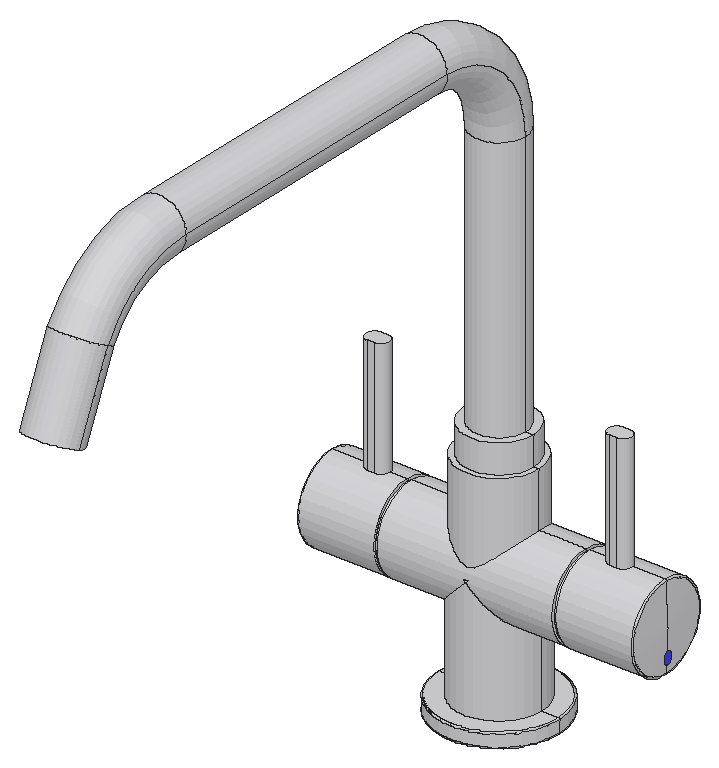
Revit family "Faucet-Kitchen-KOHLER-Cuff-K-37316IN", category Plumbing Fixtures, host Face, Revit 2017
Family settings
  Host = Face
  Round Connector Dimension = Use Diameter
  Part Type = Normal
  OmniClass Number = 23.31.11.00
  OmniClass Title = Faucets
  Cut with Voids When Loaded = No
  Shared = No
  Room Calculation Point = No
Parameters (values of type "CP-Polished Chrome")
  Width = 5.47244"  # constant formula
  WaterSense Certified = 1 = 0  # no
  Waste Water Outlet = "Waste Water Outlet"  # constant formula
  Waste Connection = 1 = 0  # no
  Vent Connection = 1 = 0  # no
  URL = "https://www.kohler.co.in/"
  Type = 1
  Spout Reach = 9 7/256"  # constant formula
  Product Page URL = "https://www.kohler.co.in/product-detail/37316in-4?skuid=K-37316IN-4-CP"
  Product Name = "Cuff"  # constant formula
  Product Documentation Link = "http://resources.kohler.com/plumbing/kohlerindia/pdf/3013673_2_a.pdf"
  Pressure = 0.00 psi
  Model = "K-37316IN-4-CP"  # constant formula
  Material = "Premium Metal Construction"  # constant formula
  Master Format 2014 Name = "Residential Faucets, Supplies, and Trim"  # constant formula
  Master Format 2014 = "22 41 39"  # constant formula
  Manufacturer Address = "Ambience Office Tower NH-8 Gurgaon / Gurugram Haryana , 122001"  # constant formula
  Manufacturer = "KOHLER Co."  # constant formula
  Length = Spout Reach  # 9 7/256"
  Hot Water Inlet = "Hot Water Inlet"  # constant formula
  Height = 10 129/256"  # constant formula
  Handle Clearance = 2 9/16"  # constant formula
  HW Connection = 1 = 1  # yes
  Flow Rate = 0 GPM
  Finish = Kohler-Metal-CP-Polished_Chrome
  Faucet Hole Spacing = 0"
  Environmental Product Declaration = ""
  Drain Included = 1 = 1  # yes
  Description = "Dual handle kitchen sink faucet with upward spout"  # constant formula
  Default Elevation = 36"
  Declare Label = ""
  Date Modified = "10/20/2020"  # constant formula
  Date Created = "10/20/2020"  # constant formula
  Copyright = "Copyright KOHLER Co."  # constant formula
  Contact Us = "https://www.kohler.co.in/contact-us"
  Cold Water Inlet = "Cold Water Inlet"  # constant formula
  CW Connection = 1 = 1  # yes
  Assembly Code = "D2010"
  ADA Compliant = 1 = 0  # no
Reference planes (in)
  plane 1 "Center (Front/Back)": y = 0
  plane 2: z = 0
  plane 3 "Center (Left/Right)": x = 0
  plane 4: x = 2.73622
  plane 5: x = -2.73622
  plane 6: y = -9.42181
  plane 7: z = 10.50391
  plane 8: z = 2.16533
  plane 9: z = 4.72783
  plane 10: z = 0.23622
  plane 11: y = -9.02734
  plane 12: x = -1.96246
  plane 13: x = 1.96332
  plane 14: y = 0.98425
  plane 15: y = -0.98425
  plane 16: z = 7.9018
  plane 17: x = -0.98425
  plane 18: x = 0.98425
  plane 19: x = -1.41535
  plane 20: x = -1.47639
Dimensions and locks (in)
  "Height": plane 7 to level
  "Length": plane 1 "Center (Front/Back)" to plane 11
  "Handle Clearance": plane 9 to plane 8
  plane 17 to plane 18 = 1.9685"
  plane 5 to plane 3 "Center (Left/Right)" = 2.73622"
  "Width": plane 4 to plane 5
  aligned and locked: plane 2 to host face
  aligned and locked: level to host face
  aligned and locked: plane 14 to nested 1
Automatic sketch dimensions
  host sketch curve to host sketch curve = 96"  (x2)
Nested families (in)
  nested 1: "K-37316IN" at (0, 0, 0), type "K-37316IN"
Connectors (in)
  piping at (-0.54907, 0, 0), diameter 0.5, driven by "HW Connection", driven by "Hot Water Inlet"
    settings: on nested 1, index 1, connector inside diameter 24", connector length 0", flow factor 0, pipe flow 0 GPM, pressure drop 0.00 psi, fitting loss kfactor 0, connector angle 0.00°, fixture units 0, engagement length 0", angle of deflection 0.00°, flow configuration 0, flow direction 1, fitting loss method 0, system type 19, joint type 0, gender type 0, connector reference index -1, connector utility 1, adjustable connector no, is connector primary yes, connector description "Hot Water Inlet"
  piping at (0.54907, 0, 0), diameter 0.5, driven by "CW Connection", driven by "Cold Water Inlet"
    settings: on nested 1, index 2, connector inside diameter 24", connector length 0", flow factor 0, pipe flow 0 GPM, pressure drop 0.00 psi, fitting loss kfactor 0, connector angle 0.00°, fixture units 0, engagement length 0", angle of deflection 0.00°, flow configuration 0, flow direction 1, fitting loss method 0, system type 20, joint type 0, gender type 0, connector reference index -1, connector utility 1, adjustable connector no, is connector primary no, connector description "Cold Water Inlet"
Definition of nested family "K-37316IN"
  Parameters (values of type "K-37316IN")
    Material = none
  Reference planes (in)
    plane 1 "Center (Front/Back)": y = 0
    plane 2: z = 0
    plane 3 "Center (Left/Right)": x = 0
    plane 4: y = 0.98425
    plane 5: x = -0.98425
    plane 6: z = 10.50478
    plane 7: x = -2.73622
    plane 8: z = 0.23622
    plane 9: x = 0.98425
    plane 10: z = 2.16533
    plane 11: y = -0.98425
    plane 12: z = 4.7248
    plane 13: y = -9.42181
    plane 14: y = -9.02652
    plane 15: x = -1.96246
    plane 16: x = 1.96246
    plane 17: z = 7.9018
    plane 18: x = 2.73622
  Forms (in)
    Revolve 1, solid, material <- "Material", detail levels medium+fine
      sketch origin (0, 0, 0) x (1, 0, 0) y (0, 0, 1)
        loop
          line (0, 0) -> (0, 0.23622) -> (-0.96403, 0.23622)
          arc (-0.96403, 0.23622) -> (-0.97834, 0.23029) -> (-0.98427, 0.21598) r 0.02024
          line (-0.98427, 0.21598) -> (-0.98427, 0.01985)
          arc (-0.98427, 0.01985) -> (-0.97845, 0.00581) -> (-0.96442, 0) r 0.01985
          line (-0.96442, 0) -> (0, 0)
        axis (0, 0.23622) -> (0, 0)
      angle from 0 to 360
    Revolve 2, solid, material <- "Material", detail levels medium+fine
      sketch origin (0, 0, 0) x (1, 0, 0) y (0, 0, 1)
        loop
          line (-2.73622, 2.16533) -> (-2.7145, 1.4963)
          arc (-2.7145, 1.4963) -> (-2.70825, 1.4822) -> (-2.69396, 1.47641) r 0.02056
          line (-2.69396, 1.47641) -> (-1.47639, 1.47641) -> (-1.47639, 1.50768) -> (-1.41535, 1.50768) -> (-1.41535, 1.47641) -> (1.41535, 1.47641) -> (1.41535, 1.50768) -> (1.47639, 1.50768) -> (1.47639, 1.47641) -> (2.69396, 1.47641)
          arc (2.69396, 1.47641) -> (2.70825, 1.4822) -> (2.7145, 1.4963) r 0.02056
          line (2.7145, 1.4963) -> (2.73622, 2.16533) -> (-2.73622, 2.16533)
        axis (-2.73622, 2.16533) -> (2.73622, 2.16533)
      angle from 0 to 360
    Revolve 3, solid, material <- "Material", detail levels medium+fine
      sketch origin (0, 0, 0) x (1, 0, 0) y (0, 0, 1)
        loop
          line (0, 0.23622) -> (0.68894, 0.23622) -> (0.68894, 2.19837) -> (0, 2.19837) -> (0, 0.23622)
        axis (0, 2.19837) -> (0, 0.23622)
      angle from 0 to 360
    Sweep 4, solid, material <- "Material", detail levels medium+fine
      path origin (0, 0, 0) x (0, 1, 0) y (0, 0, 1)
        loop
          line (0, 2.51875) -> (0, 8.48423)
          arc (0, 8.48423) -> (-0.46496, 9.60675) -> (-1.58748, 10.07172) r 1.58748
          line (-1.58748, 10.07172) -> (-6.87262, 10.07172)
          arc (-6.87262, 10.07172) -> (-7.78767, 9.82965) -> (-8.46333, 9.16677) r 1.85054
          line (-8.46333, 9.16677) -> (-9.02652, 7.9018)
      profile origin (0, 0, 5.50149) x (0, -1, 0) y (1, 0, 0)
        loop
          circle (0, 0) r 0.43307
    Extrusion 5, solid, material <- "Material", detail levels medium+fine
      sketch origin (0, 0, 0) x (1, 0, 0) y (0, 1, 0)
        loop
          arc (-2.01903, 0.13288) -> (-2.15191, 0) -> (-2.01903, -0.13288) r 0.13288
          line (-2.01903, -0.13288) -> (-1.90588, -0.13288)
          arc (-1.90588, -0.13288) -> (-1.773, 0) -> (-1.90588, 0.13288) r 0.13288
          line (-1.90588, 0.13288) -> (-2.01903, 0.13288)
        loop
          line (2.01903, 0.13288) -> (1.90588, 0.13288)
          arc (1.90588, 0.13288) -> (1.773, 0) -> (1.90588, -0.13288) r 0.13288
          line (1.90588, -0.13288) -> (2.01903, -0.13288)
          arc (2.01903, -0.13288) -> (2.15191, 0) -> (2.01903, 0.13288) r 0.13288
      from 2.82716 to 4.7248
    Revolve 6, solid, material <- "Material", detail levels medium+fine
      sketch origin (0, 0, 0) x (1, 0, 0) y (0, 0, 1)
        loop
          line (0, 2.08185) -> (0.6529, 2.08185) -> (0.6529, 3.73755) -> (0, 3.73755) -> (0, 2.08185)
        axis (0, 3.73755) -> (0, 2.08185)
      angle from 0 to 360
    Revolve 7, solid, material <- "Material", detail levels medium+fine
      sketch origin (0, 0, 0) x (1, 0, 0) y (0, 0, 1)
        loop
          line (0, 3.73755) -> (0.56415, 3.73755) -> (0.56415, 4.20562) -> (0, 4.20562) -> (0, 3.73755)
        axis (0, 4.20562) -> (0, 3.73755)
      angle from 0 to 360
    Extrusion 8, solid, material <- "Material"
      sketch origin (0, 0, 0) x (1, 0, 0) y (0, 1, 0)
        loop
          circle (-0.54907, 0) r 0.11811
        loop
          circle (0.54907, 0) r 0.11811
      from 0 to 0.12539
    Revolve 9, solid, material <- "Material", detail levels coarse
      sketch origin (0, 0, 0) x (1, 0, 0) y (0, 0, 1)
        loop
          line (0, 0) -> (0, 0.32349) -> (-1.1811, 0.32349) -> (-1.1811, 0) -> (0, 0)
        axis (0, 0.32349) -> (0, 0)
      angle from 0 to 360
    Revolve 10, solid, material <- "Material", detail levels coarse
      sketch origin (0, 0, 0) x (1, 0, 0) y (0, 0, 1)
        loop
          line (-0.74472, 0.32349) -> (0, 0.32349) -> (0, 2.03675) -> (-0.74472, 2.03675) -> (-0.74472, 0.32349)
        axis (0, 2.03675) -> (0, 0.32349)
      angle from 0 to 360
    Revolve 11, solid, material <- "Material", detail levels coarse
      sketch origin (0, 0, 0) x (1, 0, 0) y (0, 0, 1)
        loop
          line (2.59852, 2.17124) -> (-2.71644, 2.17124) -> (-2.71644, 1.43069) -> (2.79537, 1.43069) -> (2.79537, 2.17124) -> (2.59852, 2.17124)
        axis (-2.71644, 2.17124) -> (2.79537, 2.17124)
      angle from 0 to 360
    Revolve 12, solid, material <- "Material", detail levels coarse
      sketch origin (0, 0, 0) x (1, 0, 0) y (0, 0, 1)
        loop
          line (-1.96245, 2.84497) -> (-1.96245, 4.81347) -> (-2.23835, 4.81347) -> (-2.23835, 2.84497) -> (-1.96245, 2.84497)
        axis (-1.96245, 2.84497) -> (-1.96245, 4.81347)
      angle from 0 to 360
    Revolve 13, solid, material <- "Material", detail levels coarse
      sketch origin (0, 0, 0) x (-1, 0, 0) y (0, 0, 1)
        loop
          line (-1.96245, 2.84497) -> (-1.96245, 4.77388) -> (-2.23835, 4.77388) -> (-2.23835, 2.84497) -> (-1.96245, 2.84497)
        axis (-1.96245, 2.84497) -> (-1.96245, 4.77388)
      angle from 0 to 360
    Revolve 14, solid, material <- "Material", detail levels coarse
      sketch origin (0, 0, 0) x (1, 0, 0) y (0, 0, 1)
        loop
          line (0.6529, 2.43656) -> (0.84975, 2.43656) -> (0.84975, 3.78076) -> (0.6529, 3.78076) -> (0.6529, 4.37131) -> (0, 4.37131) -> (0, 2.43656) -> (0.6529, 2.43656)
        axis (0, 4.37131) -> (0, 2.43656)
      angle from 0 to 360
    Sweep 15, solid, material <- "Material", detail levels coarse
      path origin (0, 0, 0) x (0, 1, 0) y (0, 0, 1)
        loop
          line (0, 4.37131) -> (0, 8.50517)
          arc (0, 8.50517) -> (-0.40415, 9.56211) -> (-1.41037, 10.07978) r 1.58417
          line (-1.41037, 10.07978) -> (-7.51274, 10.07978)
          arc (-7.51274, 10.07978) -> (-8.52006, 9.16485) -> (-9.02652, 7.9018) r 3.03595
      profile origin (0, 0, 6.43824) x (0, -1, 0) y (1, 0, 0)
        loop
          circle (0, 0) r 0.50201
    Extrusion 16, solid
      sketch origin (0, 0, 0.04921) x (0, 1, 0) y (0, 0, 1)
        loop
          line (0.05667, 1.64394) -> (0.05667, 1.7166)
          arc (0.05667, 1.7166) -> (0, 1.77327) -> (-0.05667, 1.7166) r 0.05667
          line (-0.05667, 1.7166) -> (-0.05667, 1.64394)
          arc (-0.05667, 1.64394) -> (0, 1.58728) -> (0.05667, 1.64394) r 0.05667
      from -2.73622 to -2.68136
    Extrusion 17, solid
      sketch origin (0, 0, 0.04921) x (0, 1, 0) y (0, 0, -1)
        loop
          arc (0.05667, -1.64394) -> (0, -1.58728) -> (-0.05667, -1.64394) r 0.05667
          line (-0.05667, -1.64394) -> (-0.05667, -1.7166)
          arc (-0.05667, -1.7166) -> (0, -1.77327) -> (0.05667, -1.7166) r 0.05667
          line (0.05667, -1.7166) -> (0.05667, -1.64394)
      from -2.73622 to -2.6575
  Cuts and joins
    joined: Revolve 1, Revolve 3, Extrusion 5
    joined: Sweep 4, Revolve 6, Revolve 7
  Lines and regions (in)
    Masking region 1
      outline origin (0, 0, 0) x (0, 1, 0) y (0, 0, 1)
        loop
          arc (0.68785, 2.12698) -> (0.6827, 2.25772) -> (0.65292, 2.38512) r 0.68892
          line (0.65292, 2.38512) -> (0.65292, 3.73755) -> (0.56415, 3.73755) -> (0.56415, 4.20562) -> (0.43302, 4.20562) -> (0.43302, 8.48376)
          arc (0.43302, 8.48376) -> (-0.13883, 9.89279) -> (-1.53091, 10.50478) r 2.02184
          line (-1.53091, 10.50478) -> (-6.91116, 10.50478)
          arc (-6.91116, 10.50478) -> (-8.03537, 10.19866) -> (-8.84919, 9.36485) r 2.21741
          line (-8.84919, 9.36485) -> (-9.42215, 8.07795) -> (-8.63089, 7.72565) -> (-8.07861, 8.96611)
          arc (-8.07861, 8.96611) -> (-7.58084, 9.44887) -> (-6.91361, 9.63766) r 1.41703
          line (-6.91361, 9.63766) -> (-1.58742, 9.63766)
          arc (-1.58742, 9.63766) -> (-0.77991, 9.30805) -> (-0.4337, 8.50752) r 1.15397
          line (-0.4337, 8.50752) -> (-0.4337, 4.20562) -> (-0.56415, 4.20562) -> (-0.56415, 3.73755) -> (-0.65292, 3.73755) -> (-0.65292, 2.38512)
          arc (-0.65292, 2.38512) -> (-0.6827, 2.25772) -> (-0.68785, 2.12698) r 0.68892
          line (-0.68785, 2.12698) -> (-0.68889, 1.91113) -> (-0.68889, 0.23622) -> (-0.96296, 0.23622)
          arc (-0.96296, 0.23622) -> (-0.97799, 0.23022) -> (-0.98425, 0.21529) r 0.02093
          line (-0.98425, 0.21529) -> (-0.98425, 0.02362)
          arc (-0.98425, 0.02362) -> (-0.98077, 0.00731) -> (-0.96578, 0) r 0.01903
          line (-0.96578, 0) -> (0, 0) -> (0.95568, 0)
          arc (0.95568, 0) -> (0.97904, 0.00522) -> (0.98425, 0.02858) r 0.02233
          line (0.98425, 0.02858) -> (0.98425, 0.21529)
          arc (0.98425, 0.21529) -> (0.978, 0.23022) -> (0.96297, 0.23622) r 0.02093
          line (0.96297, 0.23622) -> (0.68889, 0.23622) -> (0.68889, 1.91113) -> (0.68785, 2.12698)
    Masking region 2
      outline origin (0, 0, 0) x (1, 0, 0) y (0, 0, 1)
        loop
          line (0, 0) -> (0.96243, 0)
          arc (0.96243, 0) -> (0.97786, 0.00639) -> (0.98425, 0.02182) r 0.02182
          line (0.98425, 0.02182) -> (0.98425, 0.21559)
          arc (0.98425, 0.21559) -> (0.97839, 0.23) -> (0.96413, 0.23622) r 0.02063
          line (0.96413, 0.23622) -> (0.68894, 0.23622) -> (0.68894, 1.47641) -> (1.41535, 1.47641) -> (1.41535, 1.50768) -> (1.47639, 1.50768) -> (1.47639, 1.47641) -> (2.69362, 1.47641)
          arc (2.69362, 1.47641) -> (2.70962, 1.48369) -> (2.71465, 1.50052) r 0.02123
          line (2.71465, 1.50052) -> (2.73622, 2.16533) -> (2.71465, 2.83014)
          arc (2.71465, 2.83014) -> (2.70962, 2.84698) -> (2.69362, 2.85425) r 0.02123
          line (2.69362, 2.85425) -> (2.15192, 2.85425) -> (2.15192, 4.7248) -> (1.773, 4.7248) -> (1.773, 2.85425) -> (1.47639, 2.85425) -> (1.47639, 2.82298) -> (1.41535, 2.82298) -> (1.41535, 2.85425) -> (0.6529, 2.85425) -> (0.6529, 3.73755) -> (0.56415, 3.73755) -> (0.56415, 4.20562) -> (0.43307, 4.20562) -> (0.43307, 10.0717)
          arc (0.43307, 10.0717) -> (0, 10.50477) -> (-0.43307, 10.0717) r 0.43307
          line (-0.43307, 10.0717) -> (-0.43307, 4.20562) -> (-0.56415, 4.20562) -> (-0.56415, 3.73755) -> (-0.6529, 3.73755) -> (-0.6529, 2.85425) -> (-1.41535, 2.85425) -> (-1.41535, 2.82298) -> (-1.47639, 2.82298) -> (-1.47639, 2.85425) -> (-1.773, 2.85425) -> (-1.773, 4.7248) -> (-2.15192, 4.7248) -> (-2.15192, 2.85425) -> (-2.69362, 2.85425)
          arc (-2.69362, 2.85425) -> (-2.70962, 2.84698) -> (-2.71465, 2.83014) r 0.02123
          line (-2.71465, 2.83014) -> (-2.73622, 2.16533) -> (-2.71465, 1.50052)
          arc (-2.71465, 1.50052) -> (-2.70962, 1.48369) -> (-2.69362, 1.47641) r 0.02123
          line (-2.69362, 1.47641) -> (-1.47639, 1.47641) -> (-1.47639, 1.50768) -> (-1.41535, 1.50768) -> (-1.41535, 1.47641) -> (-0.68894, 1.47641) -> (-0.68894, 0.23622) -> (-0.96415, 0.23622)
          arc (-0.96415, 0.23622) -> (-0.97841, 0.23) -> (-0.98427, 0.21559) r 0.02063
          line (-0.98427, 0.21559) -> (-0.98427, 0.0284)
          arc (-0.98427, 0.0284) -> (-0.98202, 0.00907) -> (-0.9648, 0) r 0.02087
          line (-0.9648, 0) -> (0, 0)
    Masking region 3
      outline origin (0, 0, 0) x (1, 0, 0) y (0, 1, 0)
        loop
          line (0.43307, -9.02652) -> (0.43307, -0.88067)
          arc (0.43307, -0.88067) -> (0.57774, -0.79917) -> (0.70202, -0.68904) r 0.78441
          line (0.70202, -0.68904) -> (1.41535, -0.68904) -> (1.41535, -0.65765) -> (1.47639, -0.65765) -> (1.47639, -0.68904) -> (2.69277, -0.68904)
          arc (2.69277, -0.68904) -> (2.70814, -0.68267) -> (2.71451, -0.66729) r 0.02174
          line (2.71451, -0.66729) -> (2.73622, 0) -> (2.71451, 0.66729)
          arc (2.71451, 0.66729) -> (2.70814, 0.68267) -> (2.69277, 0.68904) r 0.02174
          line (2.69277, 0.68904) -> (1.47639, 0.68904) -> (1.47639, 0.65765) -> (1.41535, 0.65765) -> (1.41535, 0.68904) -> (0.70532, 0.68904)
          arc (0.70532, 0.68904) -> (-0.00102, 0.98649) -> (-0.70735, 0.68904) r 0.98735
          line (-0.70735, 0.68904) -> (-1.41535, 0.68904) -> (-1.41535, 0.65765) -> (-1.47639, 0.65765) -> (-1.47639, 0.68904) -> (-2.69277, 0.68904)
          arc (-2.69277, 0.68904) -> (-2.70814, 0.68267) -> (-2.71451, 0.66729) r 0.02174
          line (-2.71451, 0.66729) -> (-2.73622, 0) -> (-2.71451, -0.66729)
          arc (-2.71451, -0.66729) -> (-2.70814, -0.68267) -> (-2.69277, -0.68904) r 0.02174
          line (-2.69277, -0.68904) -> (-1.47639, -0.68904) -> (-1.47639, -0.65765) -> (-1.41535, -0.65765) -> (-1.41535, -0.68904) -> (-0.70202, -0.68904)
          arc (-0.70202, -0.68904) -> (-0.57774, -0.79917) -> (-0.43307, -0.88067) r 0.78441
          line (-0.43307, -0.88067) -> (-0.43307, -9.02652)
          spline (-0.43307, -9.02652) -> (-0.41831, -9.12892) -> (-0.37505, -9.22434) -> (-0.30623, -9.30628) -> (-0.21654, -9.36915) -> (-0.11209, -9.40867) -> (0, -9.42215) -> (0.11209, -9.40867) -> (0.21654, -9.36915) -> (0.30623, -9.30628) -> (0.37505, -9.22434) -> (0.41831, -9.12892) -> (0.43307, -9.02652)
    symbolic lines, detail levels medium+fine
      curve 1: line (0, 0, 0.23622) -> (0, 0.68889, 0.23622)
      curve 2: line (0, -0.68889, 0.23622) -> (0, 0, 0.23622)
      curve 3: arc (0, 0.68886, 2.16533) -> (0, 0.48739, 1.67802) -> (0, 0, 1.47674) r 0.68752
      curve 4: arc (0, -0.68886, 2.16533) -> (0, -0.48739, 1.67802) -> (0, 0, 1.47674) r 0.68752
      curve 5: arc (0, 0.68886, 2.16533) -> (0, 0.48739, 2.65265) -> (0, 0, 2.85392) r 0.68752
      curve 6: arc (0, -0.68886, 2.16533) -> (0, -0.48739, 2.65265) -> (0, 0, 2.85392) r 0.68752
      curve 7: line (0, 0.13288, 4.7248) -> (0, -0.13288, 4.7248)
      curve 8: line (0, 0.13288, 4.7248) -> (0, 0.13288, 2.84122)
      curve 9: line (0, -0.13288, 4.7248) -> (0, -0.13288, 2.84122)
      curve 10: line (0, 0.56415, 3.73755) -> (0, 0.13288, 3.73755)
      curve 11: line (0, 0.43302, 4.20562) -> (0, 0.13288, 4.20562)
      curve 12: line (0, -0.56415, 3.73755) -> (0, -0.13288, 3.73755)
      curve 13: line (0, -0.43302, 4.20562) -> (0, -0.13288, 4.20562)
      curve 14: line (0, -8.35475, 8.34588) -> (0, -9.14601, 8.69817)
      curve 15: line (0.68894, 0, 0.23622) -> (-0.68894, 0, 0.23622)
      curve 16: arc (-2.15192, 0, 2.85425) -> (-1.96245, 0, 2.84497) -> (-1.77298, 0, 2.85425) r 1.9385
      curve 17: arc (2.15192, 0, 2.85425) -> (1.96245, 0, 2.84497) -> (1.77298, 0, 2.85425) r 1.9385
      curve 18: line (0.56415, 0, 4.20562) -> (-0.56415, 0, 4.20562)
      curve 19: line (0.6529, 0, 3.73755) -> (-0.6529, 0, 3.73755)
      curve 20: spline (0.43307, 0, 7.9018) -> (0.41831, 0, 7.94739) -> (0.37505, 0, 7.98987) -> (0.30623, 0, 8.02635) -> (0.21654, 0, 8.05435) -> (0.11209, 0, 8.07194) -> (0, 0, 8.07795) -> (-0.11209, 0, 8.07194) -> (-0.21654, 0, 8.05435) -> (-0.30623, 0, 8.02635) -> (-0.37505, 0, 7.98987) -> (-0.41831, 0, 7.94739) -> (-0.43307, 0, 7.9018)
      curve 21: spline (-0.43307, 0, 7.9018) -> (-0.41831, 0, 7.85621) -> (-0.37505, 0, 7.81373) -> (-0.30623, 0, 7.77725) -> (-0.21654, 0, 7.74925) -> (-0.11209, 0, 7.73166) -> (0, 0, 7.72565) -> (0.11209, 0, 7.73166) -> (0.21654, 0, 7.74925) -> (0.30623, 0, 7.77725) -> (0.37505, 0, 7.81373) -> (0.41831, 0, 7.85621) -> (0.43307, 0, 7.9018)
      curve 22: spline (-0.33243, 0, 7.9018) -> (-0.3211, 0, 7.85878) -> (-0.28789, 0, 7.81869) -> (-0.23506, 0, 7.78427) -> (-0.16621, 0, 7.75785) -> (-0.08604, 0, 7.74125) -> (0, 0, 7.73559) -> (0.08604, 0, 7.74125) -> (0.16621, 0, 7.75785) -> (0.23506, 0, 7.78427) -> (0.28789, 0, 7.81869) -> (0.3211, 0, 7.85878) -> (0.33243, 0, 7.9018) -> (0.3211, 0, 7.94482) -> (0.28789, 0, 7.98491) -> (0.23506, 0, 8.01933) -> (0.16621, 0, 8.04575) -> (0.08604, 0, 8.06235) -> (0, 0, 8.06801) -> (-0.08604, 0, 8.06235) -> (-0.16621, 0, 8.04575) -> (-0.23506, 0, 8.01933) -> (-0.28789, 0, 7.98491) -> (-0.3211, 0, 7.94482) -> (-0.33243, 0, 7.9018)
      curve 23: spline (-0.43301, 0, 8.57622) -> (-0.41839, 0, 8.62803) -> (-0.37521, 0, 8.67632) -> (-0.30641, 0, 8.71781) -> (-0.21669, 0, 8.74964) -> (-0.11218, 0, 8.76965) -> (0, 0, 8.77648) -> (0.11218, 0, 8.76965) -> (0.21669, 0, 8.74964) -> (0.30641, 0, 8.71781) -> (0.37521, 0, 8.67632) -> (0.41839, 0, 8.62803) -> (0.43301, 0, 8.57622)
      curve 24: line (-1.47639, 0, 2.85425) -> (-1.47639, 0, 1.47641)
      curve 25: line (-1.41535, 0, 2.85425) -> (-1.41535, 0, 1.47641)
      curve 26: line (1.47639, 0, 2.85425) -> (1.47639, 0, 1.47641)
      curve 27: line (1.41535, 0, 2.85425) -> (1.41535, 0, 1.47641)
      curve 28: line (-0.83503, 0.68904, 0) -> (0.83503, 0.68904, 0)
      curve 29: line (-0.83478, -0.68904, 0) -> (-0.43307, -0.68904, 0)
      curve 30: arc (-2.01903, 0.13288, 0) -> (-2.15191, 0, 0) -> (-2.01903, -0.13288, 0) r 0.13288
      curve 31: line (-1.90588, 0.13288, 0) -> (-2.01903, 0.13288, 0)
      curve 32: line (-2.01903, -0.13288, 0) -> (-1.90588, -0.13288, 0)
      curve 33: arc (-1.90588, -0.13288, 0) -> (-1.773, 0, 0) -> (-1.90588, 0.13288, 0) r 0.13288
      curve 34: arc (1.90588, 0.13288, 0) -> (1.773, 0, 0) -> (1.90588, -0.13288, 0) r 0.13288
      curve 35: arc (2.01903, -0.13288, 0) -> (2.15191, 0, 0) -> (2.01903, 0.13288, 0) r 0.13288
      curve 36: line (2.01903, 0.13288, 0) -> (1.90588, 0.13288, 0)
      curve 37: line (1.90588, -0.13288, 0) -> (2.01903, -0.13288, 0)
      curve 38: line (-0.43307, -0.99174, 0) -> (-0.43307, -0.68904, 0)
      curve 39: line (0.43307, -0.99174, 0) -> (0.43307, -0.68904, 0)
      curve 40: line (-0.43307, -0.68904, 0) -> (-0.43307, -0.05321, 0)
      curve 41: line (0.43307, -0.68904, 0) -> (0.43307, -0.05321, 0)
      curve 42: line (0.43307, -0.68904, 0) -> (0.83478, -0.68904, 0)
      curve 43: arc (0.56415, 0, 0) -> (0, 0.56415, 0) -> (-0.56415, 0, 0) r 0.56415
      curve 44: arc (-0.56415, 0, 0) -> (-0.53037, -0.19229, 0) -> (-0.43307, -0.36155, 0) r 0.56415
      curve 45: arc (0.6529, 0, 0) -> (0, 0.6529, 0) -> (-0.6529, 0, 0) r 0.6529
      curve 46: arc (-0.6529, 0, 0) -> (-0.59541, -0.26789, 0) -> (-0.43307, -0.4886, 0) r 0.6529
      curve 47: arc (0.43307, -0.36155, 0) -> (0.53037, -0.19229, 0) -> (0.56415, 0, 0) r 0.56415
      curve 48: arc (0.43307, -0.4886, 0) -> (0.59541, -0.26789, 0) -> (0.6529, 0, 0) r 0.6529
      curve 49: spline (-0.43301, -8.46333, 0) -> (-0.41839, -8.56284, 0) -> (-0.37521, -8.65561, 0) -> (-0.30641, -8.73528, 0) -> (-0.21669, -8.79642, 0) -> (-0.11218, -8.83486, 0) -> (0, -8.84797, 0) -> (0.11218, -8.83486, 0) -> (0.21669, -8.79642, 0) -> (0.30641, -8.73528, 0) -> (0.37521, -8.65561, 0) -> (0.41839, -8.56284, 0) -> (0.43301, -8.46333, 0)
      curve 50: line (0, 0.05667, 1.69315) -> (0, 0.05667, 1.76581)
      curve 51: arc (0, 0.05667, 1.76581) -> (0, 0, 1.82248) -> (0, -0.05667, 1.76581) r 0.05667
      curve 52: line (0, -0.05667, 1.76581) -> (0, -0.05667, 1.69315)
      curve 53: arc (0, -0.05667, 1.69315) -> (0, 0, 1.63649) -> (0, 0.05667, 1.69315) r 0.05667
      curve 54: arc (-0.43307, -0.05321, 0) -> (0, 0.37987, 0) -> (0.43307, -0.05321, 0) r 0.43307
      curve 55: line (1.47639, 0.65765, 0) -> (1.47639, -0.65765, 0)
      curve 56: line (1.41535, 0.65765, 0) -> (1.41535, -0.65765, 0)
      curve 57: line (-1.47639, 0.65765, 0) -> (-1.47639, -0.65765, 0)
      curve 58: line (-1.41535, 0.65765, 0) -> (-1.41535, -0.65765, 0)
  Dimensions and locks (in)
    plane 5 to plane 9 = 1.9685"  (x2)
    plane 4 to plane 11 = 1.9685"  (x2)
    plane 7 to plane 3 "Center (Left/Right)" = 2.73622"
    aligned and locked: level to plane 2
